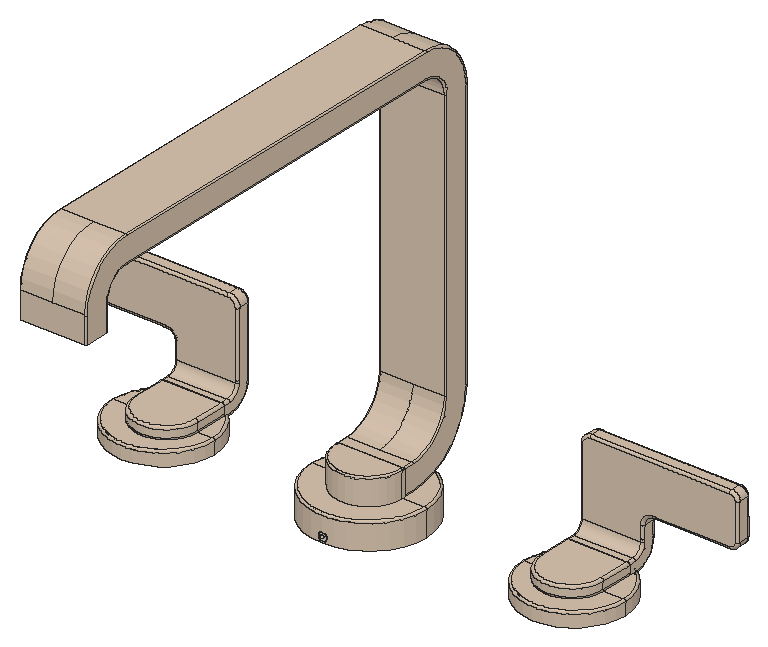
Revit family "Faucet-Lavatory-KALLISTA-Guise-P34237", category Plumbing Fixtures, host Face, Revit 2021
Family settings
  Host = Face
  Round Connector Dimension = Use Diameter
  Part Type = Normal
  OmniClass Number = 23.31.11.00
  OmniClass Title = Faucets
  Cut with Voids When Loaded = No
  Shared = No
  Room Calculation Point = No
Parameters (values of type "BAF-Brushed French Gold")
  Width [instance] = Faucet Hole Spacing  # 8"
  WaterSense Certified = 1 = 0  # no
  Waste Water Outlet = "Waste Water Outlet"  # constant formula
  Waste Connection = 1 = 0  # no
  Vent Connection = 1 = 0  # no
  URL = "https://www.kallista.com/"
  Type = 1
  Spout Reach = 8.7437"  # constant formula
  Product Page URL = ""
  Product Name = "Guise\r\n"  # constant formula
  Product Documentation Link = ""
  Pressure = 0.00 psi
  Model = if(Type = 1, "P34237-LV-BAF", if(Type = 2, "P34237-LV-BN", if(Type = 3, "P34237-LV-CP", if(Type = 4, "P34237-LV-GHP", if(Type = 5, "P34237-LV-PGP", if(Type = 6, "P34237-LV-SN", "NA"))))))  # "P34237-LV-BAF"
  Material = "Premium Metal Construction"  # constant formula
  Master Format 2014 Name = "Residential Faucets, Supplies, and Trim"  # constant formula
  Master Format 2014 = "22 41 39"  # constant formula
  Manufacturer Address = "444 Highland Dr, Kohler, WI 53044"  # constant formula
  Manufacturer = "Kallista Co."  # constant formula
  Length = Spout Reach  # 8.7437"
  Hot Water Inlet = "Hot Water Inlet"  # constant formula
  Height = 2.25197"  # constant formula
  Handle Clearance = 2.40157"  # constant formula
  HW Connection = 1 = 1  # yes
  Flow Rate = 0 GPM
  Finish = Kallista-Metal-BAF-Brushed_French_Gold
  Faucet Hole Spacing [instance] = 8"  # constant formula
  Environmental Product Declaration = ""
  Drain Included = 1 = 1  # yes
  Description = "Deck Mount Bath Spout"  # constant formula
  Default Elevation = 36"
  Declare Label = ""
  Date Modified = "06/29/2024"  # constant formula
  Date Created = "06/29/2024"  # constant formula
  Copyright = "Copyright Kallista Co."  # constant formula
  Contact Us = "https://www.kallista.com/corporate/contact-us/"
  Cold Water Inlet = "Cold Water Inlet"  # constant formula
  CW Connection = 1 = 1  # yes
  Assembly Code = "D2010"
  ADA Compliant = 1 = 0  # no
Types (7): name | Type | Model | Finish
  (no name) | 1 | "P34237-LV-BAF" | Kallista-Metal-BAF-Brushed_French_Gold
  BAF-Brushed French Gold | 1 | "P34237-LV-BAF" | Kallista-Metal-BAF-Brushed_French_Gold
  BN-Brushed Nickel | 2 | "P34237-LV-BN" | Kallista-Metal-BN-Brushed_Nickel
  CP-Chrome | 3 | "P34237-LV-CP" | Kallista-Metal-CP-Chrome
  SN-Polished Nickel | 6 | "P34237-LV-SN" | Kallista-Metal-SN-Polished_Nickel
  GHP | 4 | "P34237-LV-GHP" | none
  PGP-Polished Graphite | 5 | "P34237-LV-PGP" | Kallista-Metal-PGP-Polished_Graphite
Reference planes (in)
  plane 1 "Center (Front/Back)": y = 0
  plane 2: z = 0
  plane 3 "Center (Left/Right)": x = 0
  plane 4: x = -4
  plane 5: x = 4
  plane 6: x = -5.92913
  plane 7: x = -3
  plane 8: y = -1
  plane 9: x = -5
  plane 10: x = 5.92913
  plane 11: x = 3
  plane 12: x = 5
  plane 13: x = -1.04921
  plane 14: x = 1.04921
  plane 15: y = -0.19685
  plane 16: x = -0.64961
  plane 17: x = 0.64961
  plane 18: y = -1.04921
  plane 19: y = 1.04921
  plane 20: z = 1.92913
  plane 21: z = 1.04331
  plane 22: y = 1.57992
  plane 23: x = 6.40157
  plane 24: y = -1.12598
  plane 25: y = 1.12598
  plane 26: y = 1.32354
  plane 27: x = -6.40157
  plane 28: y = -7.68228
  plane 29: y = -7.42016
  plane 30: z = 8.05512
  plane 31: z = 6.55906
  plane 32: y = -7.15803
Dimensions and locks (in)
  equal spacing: plane 4, plane 3 "Center (Left/Right)", plane 5
  "Width": plane 4 to plane 5
  equal spacing: plane 9, plane 4, plane 7
  plane 9 to plane 7 = 2"
  equal spacing: plane 11, plane 5, plane 12
  plane 11 to plane 12 = 2"
  plane 13 to plane 14 = 2.09843"  (x2)
  plane 16 to plane 17 = 1.29921"
  plane 7 to plane 9 = 2"
  plane 12 to plane 11 = 2"
  plane 1 "Center (Front/Back)" to plane 15 = 0.19685"
  "Handle Clearance": plane 27 to plane 4
  "Handle Clearance": plane 5 to plane 23
  "Height": plane 24 to plane 25
  "Length": plane 26 to plane 29
  plane 22 to plane 29 = 9.00007"
  level to plane 31 = 6.55906"
  plane 30 to level = 8.05512"
  plane 32 to plane 28 = 0.52425"
  plane 1 "Center (Front/Back)" to plane 29 = 7.42016"
  aligned and locked: plane 2 to host face
  aligned and locked: level to host face
  aligned and locked: plane 4 to nested 1
  aligned and locked: plane 1 "Center (Front/Back)" to nested 1
  aligned and locked: nested 2 to plane 5
  aligned and locked: plane 3 "Center (Left/Right)" to nested 3
  aligned and locked: plane 1 "Center (Front/Back)" to nested 3
Automatic sketch dimensions
  host sketch curve to host sketch curve = 96"  (x2)
Nested families (in)
  nested 1: "P34237_Handle" at (-4, 0, 0), type "P34237_Handle"
  nested 2: "P34237_Handle" at (4, 0, 0) x (-1, 0, 0) z (0, 0, 1), type "P34237_Handle"
  nested 3: "P34237" at (0, 0, 0), type "P34237"
Connectors (in)
  piping at (-4, 0, 0), diameter 0.75, driven by "HW Connection", driven by "Hot Water Inlet"
    settings: on nested 1, index 1, connector inside diameter 24", connector length 0", flow factor 0, pipe flow 0 GPM, pressure drop 0.00 psi, fitting loss kfactor 0, connector angle 0.00°, fixture units 0, engagement length 0", angle of deflection 0.00°, flow configuration 0, flow direction 1, fitting loss method 0, system type 19, joint type 0, gender type 0, connector reference index -1, connector utility 1, adjustable connector no, is connector primary yes, connector description "Hot Water Inlet"
  piping at (4, 0, 0), diameter 0.75, driven by "CW Connection", driven by "Cold Water Inlet"
    settings: on nested 2, index 2, connector inside diameter 24", connector length 0", flow factor 0, pipe flow 0 GPM, pressure drop 0.00 psi, fitting loss kfactor 0, connector angle 0.00°, fixture units 0, engagement length 0", angle of deflection 0.00°, flow configuration 0, flow direction 1, fitting loss method 0, system type 20, joint type 0, gender type 0, connector reference index -1, connector utility 1, adjustable connector no, is connector primary no, connector description "Cold Water Inlet"
Definition of nested family "P34237_Handle"
  Parameters
    Material = none
    Default Elevation = 0"
  Reference planes (in)
    plane 1 "Center (Front/Back)": y = 0
    plane 2: z = 0
    plane 3 "Center (Left/Right)": x = 0
    plane 4: x = -1
    plane 5: x = 1
    plane 6: y = -1.04921
    plane 7: z = 2.18504
    plane 8: z = 1.16142
    plane 9: x = -2.40157
    plane 10: y = 1.04921
    plane 11: y = 1.32354
    plane 12: y = 1.00858
    plane 13: x = 1.09843
    plane 14: x = 0.04921
  Forms (in)
    Revolve 1, solid, material <- "Material", detail levels medium+fine
      sketch origin (0, 0, 0) x (1, 0, 0) y (0, 0, 1)
        loop
          line (0, 0) -> (0, 0.27583) -> (-0.95834, 0.27583)
          arc (-0.95834, 0.27583) -> (-0.9878, 0.26363) -> (-1, 0.23418) r 0.04166
          line (-1, 0.23418) -> (-1, 0) -> (0, 0)
        axis (0, 0) -> (0, 0.27583)
      angle from 0 to 360
    Sweep 2, solid, material <- "Material", detail levels medium+fine
      path origin (1.43202, -0.33493, -0.14427) x (1, 0, 0) y (0, 1, 0)
        loop
          line (-1.99129, 0.97665) -> (-1.99129, 0.33876)
          arc (-1.99129, 0.33876) -> (-1.37758, -0.27495) -> (-0.76387, 0.33876) r 0.61371
          line (-0.76387, 0.33876) -> (-0.76387, 0.97665)
      profile origin (-0.55927, 0.32277, -0.14427) x (1, 0, 0) y (0, 0, 1)
        loop
          line (0.50988, 0.63059) -> (0.04797, 0.63059)
          arc (0.04797, 0.63059) -> (0.01405, 0.61654) -> (0, 0.58262) r 0.04797
          line (0, 0.58262) -> (0, 0.43845)
          arc (0, 0.43845) -> (0.01405, 0.40455) -> (0.04795, 0.3905) r 0.04795
          line (0.04795, 0.3905) -> (0.50988, 0.3905) -> (0.50988, 0.63059)
    Sweep 3, solid, material <- "Material", detail levels medium+fine
      path origin (-0.9364, 0.06758, -0.3997) x (1, 0, 0) y (0, 0, 1)
        loop
          line (0.37753, 1.13311) -> (0.37753, 1.37731)
          arc (0.37753, 1.37731) -> (0.3237, 1.50728) -> (0.19373, 1.56111) r 0.1838
          line (0.19373, 1.56111) -> (-1.3077, 1.56111)
          arc (-1.3077, 1.56111) -> (-1.41905, 1.60724) -> (-1.46518, 1.71859) r 0.15748
          line (-1.46518, 1.71859) -> (-1.46518, 2.42725)
          arc (-1.46518, 2.42725) -> (-1.41905, 2.53861) -> (-1.3077, 2.58473) r 0.15748
          line (-1.3077, 2.58473) -> (1.4077, 2.58473)
          arc (1.4077, 2.58473) -> (1.54689, 2.52708) -> (1.60455, 2.38788) r 0.19685
          line (1.60455, 2.38788) -> (1.60455, 1.13311)
      profile origin (-0.8864, 0.06758, 2.18504) x (0, 0, 1) y (0, -1, 0)
        loop
          line (0, -1.14715) -> (0, -0.9599)
          arc (0, -0.9599) -> (-0.01405, -0.926) -> (-0.04795, -0.91195) r 0.04795
          line (-0.04795, -0.91195) -> (-0.08117, -0.91195) -> (-0.08117, -1.1951) -> (-0.04795, -1.1951)
          arc (-0.04795, -1.1951) -> (-0.01405, -1.18105) -> (0, -1.14715) r 0.04795
    Extrusion 4, solid, material <- "Material", detail levels medium+fine
      sketch origin (0, 0, 0) x (1, 0, 0) y (0, 0, 1)
        loop
          arc (-2.24409, 2.10387) -> (-2.29805, 2.08152) -> (-2.32041, 2.02756) r 0.07631
          line (-2.32041, 2.02756) -> (-2.32041, 1.3189)
          arc (-2.32041, 1.3189) -> (-2.29805, 1.26494) -> (-2.24409, 1.24259) r 0.07631
          line (-2.24409, 1.24259) -> (-0.74267, 1.24259)
          arc (-0.74267, 1.24259) -> (-0.5553, 1.16498) -> (-0.47769, 0.97761) r 0.26497
          line (-0.47769, 0.97761) -> (-0.47769, 0.73341) -> (0.58698, 0.73341) -> (0.58698, 1.98819)
          arc (0.58698, 1.98819) -> (0.5531, 2.06999) -> (0.4713, 2.10387) r 0.11568
          line (0.4713, 2.10387) -> (-2.24409, 2.10387)
      from -1.26268 to -0.97953
    Extrusion 5, solid, material <- "Material", detail levels medium+fine
      sketch origin (0, 0, 0) x (1, 0, 0) y (0, 1, 0)
        loop
          arc (-0.04938, 0.00383) -> (0.05444, -0.1) -> (0.15827, 0.00383) r 0.10382
          line (0.15827, 0.00383) -> (0.15827, 0.64172) -> (-0.04938, 0.64172) -> (-0.04938, 0.00383)
      from 0.24623 to 0.48632
    Sweep 6, solid, material <- "Material", detail levels medium+fine
      path origin (0, 0, 0.00615) x (0, 1, 0) y (0, 0, 1)
        loop
          line (0.64172, 0.17241) -> (0.77997, 0.17241)
          arc (0.77997, 0.17241) -> (1.1387, 0.321) -> (1.28729, 0.67973) r 0.50732
          line (1.28729, 0.67973) -> (1.28729, 0.93026)
      profile origin (0, 1.28729, 0.81115) x (0, -1, 0) y (1, 0, 0)
        loop
          line (0.07256, -0.55886) -> (0.2598, -0.55886)
          arc (0.2598, -0.55886) -> (0.29371, -0.54482) -> (0.30775, -0.51091) r 0.04795
          line (0.30775, -0.51091) -> (0.30775, 0.6202)
          arc (0.30775, 0.6202) -> (0.29371, 0.6541) -> (0.2598, 0.66815) r 0.04795
          line (0.2598, 0.66815) -> (0.07256, 0.66815)
          arc (0.07256, 0.66815) -> (0.03865, 0.6541) -> (0.02461, 0.6202) r 0.04795
          line (0.02461, 0.6202) -> (0.02461, -0.51091)
          arc (0.02461, -0.51091) -> (0.03865, -0.54482) -> (0.07256, -0.55886) r 0.04795
    Extrusion 7, solid, material <- "Material", detail levels coarse
      sketch origin (0, 0, 0) x (1, 0, 0) y (0, 1, 0)
        loop
          circle (0, 0) r 1
      from 0 to 0.27635
    Extrusion 8, solid, material <- "Material", detail levels coarse
      sketch origin (0, 0, 0) x (1, 0, 0) y (0, 1, 0)
        loop
          arc (-0.55774, 0.00538) -> (0.05521, -0.60757) -> (0.66815, 0.00538) r 0.61294
          line (0.66815, 0.00538) -> (0.66815, 0.7195) -> (-0.55774, 0.7195) -> (-0.55774, 0.00538)
      from 0.20317 to 0.48632
    Extrusion 9, solid, material <- "Material", detail levels coarse
      sketch origin (0, 0, 0) x (1, 0, 0) y (0, 0, 1)
        loop
          line (-2.40157, 1.16142) -> (-0.55927, 1.16142) -> (0.66815, 1.16142) -> (0.66815, 2.18504) -> (-2.40157, 2.18504) -> (-2.40157, 1.16142)
      from -1.26268 to -0.97953
    Extrusion 10, solid, material <- "Material", detail levels coarse
      sketch origin (0, 0, 0) x (0, 1, 0) y (0, 0, 1)
        loop
          line (1.26268, 1.16142) -> (0.97953, 1.16142) -> (0.97953, 0.68317)
          arc (0.97953, 0.68317) -> (0.92188, 0.54397) -> (0.78268, 0.48632) r 0.19685
          line (0.78268, 0.48632) -> (0.2019, 0.48632) -> (0.2019, 0.20317) -> (0.78094, 0.20317)
          arc (0.78094, 0.20317) -> (1.12158, 0.34427) -> (1.26268, 0.68491) r 0.48174
          line (1.26268, 0.68491) -> (1.26268, 1.16142)
      from -0.55886 to 0.66815
  Cuts and joins
    joined: Sweep 2, Extrusion 5
    joined: Extrusion 8, Extrusion 9, Extrusion 10
    joined: Sweep 3, Extrusion 4, Sweep 6
  Lines and regions (in)
    Masking region 1
      outline origin (0, 0, 0) x (1, 0, 0) y (0, 1, 0)
        loop
          arc (-0.57985, 0.81472) -> (-0.88811, 0.45963) -> (-1, 0.00291) r 1
          arc (-1, 0.00291) -> (-0.70813, -0.70608) -> (0, -1) r 1
          arc (0, -1) -> (0.71055, -0.70365) -> (0.99995, 0.00975) r 1
          arc (0.99995, 0.00975) -> (0.8942, 0.44766) -> (0.60697, 0.79473) r 1
          arc (0.60697, 0.79473) -> (0.57052, 0.83899) -> (0.55747, 0.89482) r 0.12595
          line (0.55747, 0.89482) -> (0.55747, 1.28226)
          arc (0.55747, 1.28226) -> (0.54552, 1.31112) -> (0.51666, 1.32307) r 0.0408
          line (0.51666, 1.32307) -> (-2.36077, 1.32307)
          arc (-2.36077, 1.32307) -> (-2.38962, 1.31112) -> (-2.40157, 1.28226) r 0.0408
          line (-2.40157, 1.28226) -> (-2.40157, 1.05175)
          arc (-2.40157, 1.05175) -> (-2.38893, 1.02123) -> (-2.35841, 1.00858) r 0.04317
          line (-2.35841, 1.00858) -> (-0.55774, 1.00858) -> (-0.55774, 0.8576)
          arc (-0.55774, 0.8576) -> (-0.56359, 0.83348) -> (-0.57985, 0.81472) r 0.05263
    Masking region 2, detail levels medium+fine
      outline origin (0, 0, 0) x (1, 0, 0) y (0, 0, 1)
        loop
          line (-1, 0) -> (1.09843, 0) -> (1.09843, 0.27629)
          arc (1.09843, 0.27629) -> (1.08637, 0.30538) -> (1.05728, 0.31743) r 0.04114
          line (1.05728, 0.31743) -> (0.73172, 0.31743)
          arc (0.73172, 0.31743) -> (0.68677, 0.33605) -> (0.66815, 0.381) r 0.06357
          line (0.66815, 0.381) -> (0.66815, 2.03796)
          arc (0.66815, 2.03796) -> (0.62507, 2.14196) -> (0.52107, 2.18504) r 0.14708
          line (0.52107, 2.18504) -> (-2.25495, 2.18504)
          arc (-2.25495, 2.18504) -> (-2.35863, 2.14209) -> (-2.40157, 2.03841) r 0.14663
          line (-2.40157, 2.03841) -> (-2.40157, 1.29908)
          arc (-2.40157, 1.29908) -> (-2.36126, 1.20174) -> (-2.26392, 1.16142) r 0.13766
          line (-2.26392, 1.16142) -> (-0.75353, 1.16142)
          arc (-0.75353, 1.16142) -> (-0.64408, 1.11608) -> (-0.59875, 1.00664) r 0.15478
          line (-0.59875, 1.00664) -> (-0.59875, 0.381)
          arc (-0.59875, 0.381) -> (-0.61737, 0.33605) -> (-0.66232, 0.31743) r 0.06357
          line (-0.66232, 0.31743) -> (-0.95886, 0.31743)
          arc (-0.95886, 0.31743) -> (-0.98795, 0.30538) -> (-1, 0.27629) r 0.04114
          line (-1, 0.27629) -> (-1, 0)
    Masking region 3
      outline origin (0, 0, 0) x (0, 1, 0) y (0, 0, 1)
        loop
          line (0.95258, 0) -> (0.95258, 0.32743)
          arc (0.95258, 0.32743) -> (1.22496, 0.62702) -> (1.32354, 1.01973) r 0.83147
          line (1.32354, 1.01973) -> (1.32354, 2.14567)
          arc (1.32354, 2.14567) -> (1.31201, 2.17351) -> (1.28417, 2.18504) r 0.03937
          line (1.28417, 2.18504) -> (1.04795, 2.18504)
          arc (1.04795, 2.18504) -> (1.02011, 2.17351) -> (1.00858, 2.14567) r 0.03937
          line (1.00858, 2.14567) -> (1.00858, 1.01655)
          arc (1.00858, 1.01655) -> (0.88435, 0.71663) -> (0.58443, 0.5924) r 0.42415
          line (0.58443, 0.5924) -> (-0.57505, 0.5924)
          arc (-0.57505, 0.5924) -> (-0.60959, 0.57809) -> (-0.62389, 0.54356) r 0.04884
          line (-0.62389, 0.54356) -> (-0.62389, 0.40108)
          arc (-0.62389, 0.40108) -> (-0.64508, 0.34605) -> (-0.69771, 0.31944) r 0.08205
          line (-0.69771, 0.31944) -> (-1.00732, 0.31944)
          arc (-1.00732, 0.31944) -> (-1.03694, 0.30717) -> (-1.04921, 0.27755) r 0.04189
          line (-1.04921, 0.27755) -> (-1.04921, 0) -> (0.95258, 0)
    symbolic lines, detail levels medium+fine
      curve 1: arc (-0.55774, 0.77511, 0) -> (0.00017, -0.95491, 0) -> (0.55747, 0.7753, 0) r 0.95491
      curve 2: arc (-0.55744, 0.00558, 0) -> (-0.00279, -0.55746, 0) -> (0.55747, 0, 0) r 0.55747
      curve 3: arc (-0.62027, 0, 0) -> (0, -0.62027, 0) -> (0.62027, 0, 0) r 0.62027
      curve 4: line (-0.55774, 0.8576, 0) -> (-0.55774, 0.77511, 0)
      curve 5: line (0.55747, 0, 0) -> (0.55747, 0.27196, 0)
      curve 6: line (-0.55774, 0.2714, 0) -> (-0.55774, 0, 0)
      curve 7: line (0.55747, 0.27196, 0) -> (0.55747, 0.7753, 0)
      curve 8: line (-0.55774, 0.77511, 0) -> (-0.55774, 0.2714, 0)
      curve 9: line (0.55747, 0.7753, 0) -> (0.55747, 1.00858, 0)
      curve 10: line (-0.55774, 1.00858, 0) -> (0.55747, 1.00858, 0)
      curve 11: line (-2.40157, 1.28226, 0) -> (0.55747, 1.28226, 0)
      curve 12: line (-2.40369, 1.04921, 0) -> (0.56081, 1.04921, 0)
      curve 13: line (-0.62027, 0, 0) -> (-0.62027, 0.72604, 0)
      curve 14: line (0.62027, 0, 0) -> (0.62027, 0.72604, 0)
      curve 15: line (-0.50504, 1.00858, 0) -> (-0.50504, 0, 0)
      curve 16: line (0.50504, 1.00858, 0) -> (0.50504, 0, 0)
      curve 17: arc (-0.50504, 0, 0) -> (0, -0.50504, 0) -> (0.50504, 0, 0) r 0.50504
      curve 18: line (-2.24248, 0, 2.14222) -> (0.4942, 0, 2.14222)
      curve 19: line (-2.36059, 0, 2.02411) -> (-2.36059, 0, 1.33084)
      curve 20: line (-2.24248, 0, 1.21273) -> (-0.75296, 0, 1.21273)
      curve 21: arc (0.04921, 0, 0.24692) -> (0.34996, 0, 0.28255) -> (0.63964, 0, 0.37088) r 1.70321
      curve 22: arc (0.04921, 0, 0.18177) -> (0.44144, 0, 0.20953) -> (0.82893, 0, 0.27635) r 3.92889
      curve 23: line (1.09633, 0, 0.27635) -> (0.76604, 0, 0.27635)
      curve 24: arc (0.76604, 0, 0.27635) -> (0.68712, 0, 0.3026) -> (0.63964, 0, 0.37088) r 0.13178
      curve 25: arc (-2.24248, 0, 2.14222) -> (-2.32599, 0, 2.10762) -> (-2.36059, 0, 2.02411) r 0.11811
      curve 26: arc (-2.36059, 0, 1.33084) -> (-2.32599, 0, 1.24732) -> (-2.24248, 0, 1.21273) r 0.11811
      curve 27: line (0.63822, 0, 1.99819) -> (0.63822, 0, 0.37031)
      curve 28: arc (-0.75296, 0, 1.21273) -> (-0.62949, 0, 1.16765) -> (-0.5641, 0, 1.05363) r 0.19165
      curve 29: arc (0.4942, 0, 2.14222) -> (0.59604, 0, 2.10003) -> (0.63822, 0, 1.99819) r 0.14402
      curve 30: line (0, -0.62389, 0.38336) -> (0, 0.52054, 0.38336)
      curve 31: line (0, -1.04921, 0.27436) -> (0, 0.95258, 0.27436)
      curve 32: line (0, 1.28417, 2.18504) -> (0, 1.28417, 0.95164)
      curve 33: line (0, 1.04795, 2.18504) -> (0, 1.04795, 1.03204)
      curve 34: line (0, -0.62239, 0.55559) -> (0, 0.5715, 0.55559)
      curve 35: line (0, -0.62389, 0.46406) -> (0, 0.73972, 0.46406)
      curve 36: arc (0, 1.04795, 1.03204) -> (0, 0.9084, 0.69514) -> (0, 0.5715, 0.55559) r 0.47645
      curve 37: arc (0, 0.52054, 0.38336) -> (0, 0.63732, 0.40418) -> (0, 0.73972, 0.46406) r 0.33801
      curve 38: line (0, 1.28417, 1.16142) -> (0, 1.04795, 1.16142)
      curve 39: arc (0, 1.32354, 1.20452) -> (0, 1.31336, 1.17429) -> (0, 1.28417, 1.16142) r 0.03953
      curve 40: arc (0, 1.00858, 1.20452) -> (0, 1.01876, 1.17429) -> (0, 1.04795, 1.16142) r 0.03953
      curve 41: arc (0.04921, 0, 0.24692) -> (-0.28256, 0, 0.26981) -> (-0.60356, 0, 0.35674) r 1.70321
      curve 42: arc (0.05721, 0, 0.18102) -> (-0.38857, 0, 0.20348) -> (-0.82893, 0, 0.27635) r 3.92889
      curve 43: line (-1.00743, 0, 0.27635) -> (-0.66513, 0, 0.27635)
    symbolic lines
      curve 44: line (-0.5641, 0, 1.05363) -> (-0.5641, 0, 0.37738)
      curve 45: arc (-0.66513, 0, 0.27635) -> (-0.59369, 0, 0.30594) -> (-0.5641, 0, 0.37738) r 0.10103
      curve 46: line (0, -0.69771, 0.31944) -> (0, 0.77383, 0.31944)
      curve 47: arc (0, 0.95258, 0.32743) -> (0, 0.86329, 0.32144) -> (0, 0.77383, 0.31944) r 2.00444
      curve 48: arc (0, 1.28417, 0.95164) -> (0, 1.14067, 0.5454) -> (0, 0.77383, 0.31944) r 0.64675
      curve 49: arc (0, 0.73972, 0.46406) -> (0, 0.70808, 0.37999) -> (0, 0.64172, 0.31944) r 0.19243
  Dimensions and locks (in)
    plane 7 to level = 2.18504"
    plane 3 "Center (Left/Right)" to plane 9 = 2.40157"
    aligned and locked: level to plane 2
Definition of nested family "P34237"
  Parameters
    Material = none
    Default Elevation = 0"
  Reference planes (in)
    plane 1 "Center (Front/Back)": y = 0
    plane 2: z = 0
    plane 3 "Center (Left/Right)": x = 0
    plane 4: x = -1.12598
    plane 5: y = 1.12598
    plane 6: y = -1.12598
    plane 7: x = -0.64961
    plane 8: x = 0.64961
    plane 9: z = 6.55906
    plane 10: z = 8.05512
    plane 11: y = 1.57992
    plane 12: y = -7.42008
    plane 13: y = 1.29921
    plane 14: x = 1.12598
    plane 15: y = -7.68228
  Forms (in)
    Revolve 1, solid, material <- "Material", detail levels medium+fine
      sketch origin (0, 0, 0) x (1, 0, 0) y (0, 0, 1)
        loop
          line (0, 0) -> (0, 0.51841) -> (-1.08874, 0.51841)
          arc (-1.08874, 0.51841) -> (-1.11508, 0.5075) -> (-1.12598, 0.48117) r 0.03724
          line (-1.12598, 0.48117) -> (-1.12598, 0) -> (0, 0)
        axis (0, 0) -> (0, 0.51841)
      angle from 0 to 360
    Sweep 2, solid, material <- "Material", detail levels medium+fine
      path origin (0, 0, 0) x (0, 1, 0) y (0, 0, 1)
        loop
          line (-7.68228, 6.55906) -> (-7.68228, 7.07087)
          arc (-7.68228, 7.07087) -> (-7.394, 7.76684) -> (-6.69803, 8.05512) r 0.98425
          line (-6.69803, 8.05512) -> (0.59567, 8.05512)
          arc (0.59567, 8.05512) -> (1.29164, 7.76684) -> (1.57992, 7.07087) r 0.98425
          line (1.57992, 7.07087) -> (1.57992, 1.8231)
          arc (1.57992, 1.8231) -> (1.19336, 0.88987) -> (0.26013, 0.50331) r 1.31978
          line (0.26013, 0.50331) -> (0.05188, 0.50331)
      profile origin (0, -3.05118, 8.05512) x (0, 0, 1) y (1, 0, 0)
        loop
          line (0, 0) -> (0, 0.62175)
          arc (0, 0.62175) -> (-0.00816, 0.64145) -> (-0.02786, 0.64961) r 0.02786
          line (-0.02786, 0.64961) -> (-0.19685, 0.64961) -> (-0.48939, 0.64961)
          arc (-0.48939, 0.64961) -> (-0.50909, 0.64145) -> (-0.51724, 0.62175) r 0.02786
          line (-0.51724, 0.62175) -> (-0.51724, 0) -> (-0.51724, -0.62175)
          arc (-0.51724, -0.62175) -> (-0.50909, -0.64145) -> (-0.48939, -0.64961) r 0.02786
          line (-0.48939, -0.64961) -> (-0.19685, -0.64961) -> (-0.02786, -0.64961)
          arc (-0.02786, -0.64961) -> (-0.00816, -0.64145) -> (0, -0.62175) r 0.02786
          line (0, -0.62175) -> (0, 0)
    Sweep 3, solid, material <- "Material", detail levels medium+fine
      path origin (0, 0, 0) x (1, 0, 0) y (0, 1, 0)
        loop
          line (0.64961, 0.05335) -> (0.64961, -0.00563)
          arc (0.64961, -0.00563) -> (0, -0.65524) -> (-0.64961, -0.00563) r 0.64961
          line (-0.64961, -0.00563) -> (-0.64961, 0.05335)
      profile origin (0.64961, 0.02386, 0) x (1, 0, 0) y (0, 0, 1)
        loop
          line (0, 0.47957) -> (0, 0.99305)
          arc (0, 0.99305) -> (-0.00816, 1.01275) -> (-0.02786, 1.02091) r 0.02786
          line (-0.02786, 1.02091) -> (-0.06459, 1.02091) -> (-0.06459, 0.47957) -> (0, 0.47957)
    Extrusion 4, solid, material <- "Material", detail levels medium+fine
      sketch origin (0, 0, 0) x (1, 0, 0) y (0, 1, 0)
        loop
          line (0.58502, -0.00563) -> (0.58502, 0.05335) -> (-0.58502, 0.05335) -> (-0.58502, -0.00563)
          arc (-0.58502, -0.00563) -> (0, -0.59065) -> (0.58502, -0.00563) r 0.58502
      from 0.50331 to 1.02091
    Extrusion 5, void
      sketch origin (0, 0, 0) x (1, 0, 0) y (0, 0, 1)
        loop
          circle (0, 0.10887) r 0.08011
      from 0.97469 to 1.19221
    Extrusion 6, solid, detail levels medium+fine
      sketch origin (0, 0, 0) x (1, 0, 0) y (0, 0, 1)
        loop
          circle (0, 0.10887) r 0.08011
        loop
          line (-0.02337, 0.14921) -> (-0.04541, 0.10945) -> (-0.02201, 0.07048) -> (0.02345, 0.07126) -> (0.04549, 0.11102) -> (0.02209, 0.14999) -> (-0.02337, 0.14921)
      from 0.97469 to 1.12313
    Extrusion 7, solid, material <- "Material", detail levels coarse
      sketch origin (0, 0, 0) x (1, 0, 0) y (0, 1, 0)
        loop
          circle (0, 0) r 1.12598
      from 0 to 0.50331
    Extrusion 8, void
      sketch origin (0, 0, 0) x (1, 0, 0) y (0, 1, 0)
        loop
          line (-0.57874, -7.31693) -> (-0.57874, -7.52559)
          arc (-0.57874, -7.52559) -> (-0.5551, -7.58266) -> (-0.49803, -7.6063) r 0.08071
          line (-0.49803, -7.6063) -> (0.49803, -7.6063)
          arc (0.49803, -7.6063) -> (0.5551, -7.58266) -> (0.57874, -7.52559) r 0.08071
          line (0.57874, -7.52559) -> (0.57874, -7.31693)
          arc (0.57874, -7.31693) -> (0.5551, -7.25986) -> (0.49803, -7.23622) r 0.08071
          line (0.49803, -7.23622) -> (-0.49803, -7.23622)
          arc (-0.49803, -7.23622) -> (-0.5551, -7.25986) -> (-0.57874, -7.31693) r 0.08071
      from 5.30374 to 6.91193
    Extrusion 9, solid, material <- "Material", detail levels medium+fine
      sketch origin (0, 0, 0) x (1, 0, 0) y (0, 1, 0)
        loop
          arc (-0.36058, -7.27661) -> (-0.47601, -7.29951) -> (-0.53166, -7.40321) r 0.1378
          arc (-0.53166, -7.40321) -> (-0.53213, -7.42126) -> (-0.53166, -7.43931) r 0.35144
          arc (-0.53166, -7.43931) -> (-0.47601, -7.543) -> (-0.36058, -7.56591) r 0.1378
          arc (-0.36058, -7.56591) -> (0, -7.52147) -> (0.36058, -7.56591) r 1.48495
          arc (0.36058, -7.56591) -> (0.47601, -7.54301) -> (0.53166, -7.43932) r 0.1378
          arc (0.53166, -7.43932) -> (0.53213, -7.42126) -> (0.53166, -7.40321) r 0.3514
          arc (0.53166, -7.40321) -> (0.47601, -7.29951) -> (0.36058, -7.27661) r 0.1378
          arc (0.36058, -7.27661) -> (0, -7.32106) -> (-0.36058, -7.27661) r 1.48467
        loop
          line (-0.57874, -7.31693) -> (-0.57874, -7.52559)
          arc (-0.57874, -7.52559) -> (-0.5551, -7.58266) -> (-0.49803, -7.6063) r 0.08071
          line (-0.49803, -7.6063) -> (0.49803, -7.6063)
          arc (0.49803, -7.6063) -> (0.5551, -7.58266) -> (0.57874, -7.52559) r 0.08071
          line (0.57874, -7.52559) -> (0.57874, -7.31693)
          arc (0.57874, -7.31693) -> (0.5551, -7.25986) -> (0.49803, -7.23622) r 0.08071
          line (0.49803, -7.23622) -> (-0.49803, -7.23622)
          arc (-0.49803, -7.23622) -> (-0.5551, -7.25986) -> (-0.57874, -7.31693) r 0.08071
      from 6.58708 to 6.91193
    Sweep 10, solid, material <- "Material", detail levels coarse
      path origin (0, 0, 0) x (0, 1, 0) y (0, 0, 1)
        loop
          line (-7.68228, 6.55906) -> (-7.68228, 7.07087)
          arc (-7.68228, 7.07087) -> (-7.394, 7.76684) -> (-6.69803, 8.05512) r 0.98425
          line (-6.69803, 8.05512) -> (0.59567, 8.05512)
          arc (0.59567, 8.05512) -> (1.29164, 7.76684) -> (1.57992, 7.07087) r 0.98425
          line (1.57992, 7.07087) -> (1.57992, 1.8231)
          arc (1.57992, 1.8231) -> (1.19336, 0.88987) -> (0.26013, 0.50331) r 1.31978
          line (0.26013, 0.50331) -> (-0.72412, 0.50331)
      profile origin (0, -3.05118, 8.05512) x (0, 0, 1) y (1, 0, 0)
        loop
          line (0, 0) -> (0, 0.62175)
          arc (0, 0.62175) -> (-0.00816, 0.64145) -> (-0.02786, 0.64961) r 0.02786
          line (-0.02786, 0.64961) -> (-0.19685, 0.64961) -> (-0.48939, 0.64961)
          arc (-0.48939, 0.64961) -> (-0.50909, 0.64145) -> (-0.51724, 0.62175) r 0.02786
          line (-0.51724, 0.62175) -> (-0.51724, 0) -> (-0.51724, -0.62175)
          arc (-0.51724, -0.62175) -> (-0.50909, -0.64145) -> (-0.48939, -0.64961) r 0.02786
          line (-0.48939, -0.64961) -> (-0.19685, -0.64961) -> (-0.02786, -0.64961)
          arc (-0.02786, -0.64961) -> (-0.00816, -0.64145) -> (0, -0.62175) r 0.02786
          line (0, -0.62175) -> (0, 0)
  Cuts and joins
    Extrusion 5 cuts Revolve 1
    joined: Sweep 3, Extrusion 4
    Extrusion 8 cuts Sweep 2
  Lines and regions (in)
    Masking region 1
      outline origin (0, 0, 0) x (1, 0, 0) y (0, 1, 0)
        loop
          line (-0.64961, 1.5412) -> (-0.64961, 0.9197)
          arc (-0.64961, 0.9197) -> (-0.99716, 0.52299) -> (-1.12593, 0.01153) r 1.12598
          arc (-1.12593, 0.01153) -> (-1.00246, -0.51275) -> (-0.64961, -0.9197) r 1.12598
          line (-0.64961, -0.9197) -> (-0.64961, -7.64357)
          arc (-0.64961, -7.64357) -> (-0.63827, -7.67094) -> (-0.61089, -7.68228) r 0.03871
          line (-0.61089, -7.68228) -> (0, -7.68228) -> (0.61089, -7.68228)
          arc (0.61089, -7.68228) -> (0.63827, -7.67094) -> (0.64961, -7.64357) r 0.03871
          line (0.64961, -7.64357) -> (0.64961, -0.9197)
          arc (0.64961, -0.9197) -> (1.00246, -0.51275) -> (1.12593, 0.01153) r 1.12598
          arc (1.12593, 0.01153) -> (0.99716, 0.52299) -> (0.64961, 0.9197) r 1.12598
          line (0.64961, 0.9197) -> (0.64961, 1.5412)
          arc (0.64961, 1.5412) -> (0.63827, 1.56858) -> (0.61089, 1.57992) r 0.03871
          line (0.61089, 1.57992) -> (0, 1.57992) -> (-0.61089, 1.57992)
          arc (-0.61089, 1.57992) -> (-0.63827, 1.56858) -> (-0.64961, 1.5412) r 0.03871
    Masking region 2
      outline origin (0, 0, 0) x (1, 0, 0) y (0, 0, 1)
        loop
          line (1.12598, 0) -> (1.12598, 0.47635)
          arc (1.12598, 0.47635) -> (1.11367, 0.50609) -> (1.08393, 0.51841) r 0.04206
          line (1.08393, 0.51841) -> (0.79077, 0.51841)
          arc (0.79077, 0.51841) -> (0.69095, 0.55976) -> (0.64961, 0.65958) r 0.14117
          line (0.64961, 0.65958) -> (0.64961, 8.01575)
          arc (0.64961, 8.01575) -> (0.63808, 8.04359) -> (0.61024, 8.05512) r 0.03937
          line (0.61024, 8.05512) -> (0, 8.05512) -> (-0.61024, 8.05512)
          arc (-0.61024, 8.05512) -> (-0.63808, 8.04359) -> (-0.64961, 8.01575) r 0.03937
          line (-0.64961, 8.01575) -> (-0.64961, 0.66049)
          arc (-0.64961, 0.66049) -> (-0.69122, 0.56002) -> (-0.79169, 0.51841) r 0.14208
          line (-0.79169, 0.51841) -> (-1.08393, 0.51841)
          arc (-1.08393, 0.51841) -> (-1.11367, 0.50609) -> (-1.12598, 0.47635) r 0.04206
          line (-1.12598, 0.47635) -> (-1.12598, 0) -> (0, 0) -> (1.12598, 0)
    Masking region 3
      outline origin (0, 0, 0) x (0, 1, 0) y (0, 0, 1)
        loop
          arc (1.57992, 7.07087) -> (1.29164, 7.76684) -> (0.59567, 8.05512) r 0.98425
          line (0.59567, 8.05512) -> (-6.69395, 8.05512)
          arc (-6.69395, 8.05512) -> (-7.38993, 7.76684) -> (-7.67821, 7.07087) r 0.98425
          line (-7.67821, 7.07087) -> (-7.67821, 6.57874)
          arc (-7.67821, 6.57874) -> (-7.67244, 6.56482) -> (-7.65852, 6.55906) r 0.01969
          line (-7.65852, 6.55906) -> (-7.18353, 6.55906)
          arc (-7.18353, 6.55906) -> (-7.16828, 6.56537) -> (-7.16196, 6.58062) r 0.02157
          line (-7.16196, 6.58062) -> (-7.16196, 7.06412)
          arc (-7.16196, 7.06412) -> (-7.01806, 7.41152) -> (-6.67066, 7.55542) r 0.4913
          line (-6.67066, 7.55542) -> (0.54497, 7.55542)
          arc (0.54497, 7.55542) -> (0.90361, 7.40686) -> (1.05217, 7.04822) r 0.5072
          line (1.05217, 7.04822) -> (1.05217, 1.81475)
          arc (1.05217, 1.81475) -> (0.82154, 1.25798) -> (0.26476, 1.02735) r 0.7874
          line (0.26476, 1.02735) -> (-0.60875, 1.02735)
          arc (-0.60875, 1.02735) -> (-0.63759, 1.01541) -> (-0.64954, 0.98657) r 0.04079
          line (-0.64954, 0.98657) -> (-0.64954, 0.68129)
          arc (-0.64954, 0.68129) -> (-0.69716, 0.56633) -> (-0.81212, 0.51871) r 0.16258
          line (-0.81212, 0.51871) -> (-1.08819, 0.51871)
          arc (-1.08819, 0.51871) -> (-1.11492, 0.50764) -> (-1.12598, 0.48092) r 0.03779
          line (-1.12598, 0.48092) -> (-1.12598, 0) -> (1.12598, 0) -> (1.12598, 0.48092)
          arc (1.12598, 0.48092) -> (1.11492, 0.50764) -> (1.08819, 0.51871) r 0.03779
          arc (1.08819, 0.51871) -> (1.05584, 0.64012) -> (1.08819, 0.76153) r 0.24397
          arc (1.08819, 0.76153) -> (1.44982, 1.18164) -> (1.57992, 1.72047) r 1.18091
          line (1.57992, 1.72047) -> (1.57992, 7.07087)
    symbolic lines, detail levels medium+fine
      curve 1: line (-0.64961, -0.9197, 0) -> (-0.64961, 1.0488, 0)
      curve 2: line (-0.61009, -7.68227, 0) -> (-0.61009, 1.5697, 0)
      curve 3: line (0.64961, -0.98141, 0) -> (0.64961, 1.12598, 0)
      curve 4: line (0.61009, -7.68412, 0) -> (0.61009, 1.57991, 0)
      curve 5: line (0.9252, 0, 0.51841) -> (-0.82838, 0, 0.51841)
      curve 6: line (1.12598, 0, 0.47635) -> (-1.12598, 0, 0.47635)
      curve 7: line (0.61024, 0, 8.05512) -> (0.61024, 0, 0.99959)
      curve 8: line (-0.61024, 0, 8.05512) -> (-0.61024, 0, 0.99959)
      curve 9: line (-0.64961, 0, 0.95051) -> (0.64961, 0, 0.95051)
      curve 10: line (-0.64961, 0, 0.66049) -> (0.64961, 0, 0.66049)
      curve 11: arc (-0.64961, 0, 0.95051) -> (-0.63961, 0, 0.98282) -> (-0.61024, 0, 0.99959) r 0.04606
      curve 12: arc (0.64961, 0, 0.95051) -> (0.6392, 0, 0.98249) -> (0.61024, 0, 0.99959) r 0.04753
      curve 13: line (-0.6492, 0, 0.99959) -> (0.64961, 0, 0.99959)
      curve 14: line (-0.64961, 0, 6.55906) -> (0.64961, 0, 6.55906)
      curve 15: line (-0.64961, 0, 6.59219) -> (0.64961, 0, 6.59219)
      curve 16: arc (-0.61024, 0, 6.55906) -> (-0.63511, 0, 6.56945) -> (-0.64961, 0, 6.59219) r 0.04509
      curve 17: arc (0.61024, 0, 6.55906) -> (0.63741, 0, 6.56672) -> (0.64961, 0, 6.59219) r 0.03427
      curve 18: line (0, 1.08819, 0.51871) -> (0, -0.85404, 0.51871)
      curve 19: line (0, 1.12598, 0.48092) -> (0, -1.12598, 0.48092)
      curve 20: line (0, -0.64954, 0.68129) -> (0, 0.63455, 0.68129)
      curve 21: line (0, -7.18353, 6.55906) -> (0, -7.18353, 7.07353)
      curve 22: line (0, -7.65852, 6.55906) -> (0, -7.65852, 7.03787)
      curve 23: line (0, 0.57094, 7.5828) -> (0, -6.67426, 7.5828)
      curve 24: line (0, 0.54026, 8.02212) -> (0, -6.67427, 8.02212)
      curve 25: arc (0, -7.65852, 7.03787) -> (0, -7.37024, 7.73384) -> (0, -6.67427, 8.02212) r 0.98425
      curve 26: arc (0, -6.67426, 7.5828) -> (0, -7.03436, 7.43364) -> (0, -7.18353, 7.07353) r 0.50927
      curve 27: line (0, -0.64954, 0.98657) -> (0, 0.33471, 0.98657)
      curve 28: line (0, 1.07391, 1.78259) -> (0, 1.07391, 7.07983)
      curve 29: line (0, 1.52451, 1.75252) -> (0, 1.52451, 7.03787)
      curve 30: arc (0, 1.52451, 7.03787) -> (0, 1.23623, 7.73384) -> (0, 0.54026, 8.02212) r 0.98425
      curve 31: arc (0, 1.07391, 7.07983) -> (0, 0.9266, 7.43549) -> (0, 0.57094, 7.5828) r 0.50297
      curve 32: arc (0, 0.63455, 0.68129) -> (0, 0.7913, 0.66172) -> (0, 0.93844, 0.60422) r 0.63767
      curve 33: arc (0, 1.08819, 0.76153) -> (0, 0.96162, 0.64106) -> (0, 0.89171, 0.48092) r 0.44143
      curve 34: arc (0, 1.52451, 1.75252) -> (0, 1.40619, 1.21879) -> (0, 1.07339, 0.78507) r 1.26291
      curve 35: arc (0, 1.07339, 0.78507) -> (0, 0.99539, 0.7025) -> (0, 0.93844, 0.60422) r 0.49148
      curve 36: arc (0, 1.07391, 1.78259) -> (0, 0.86061, 1.23943) -> (0, 0.33471, 0.98657) r 0.79821
      curve 37: arc (-0.64961, 0.865, 0) -> (-1.08176, 0, 0) -> (-0.64961, -0.865, 0) r 1.08176
      curve 38: arc (-0.72889, 0, 0) -> (-0.70879, -0.16999, 0) -> (-0.64961, -0.3306, 0) r 0.72889
      curve 39: arc (0.64961, -0.3306, 0) -> (0.70879, -0.16999, 0) -> (0.72889, 0, 0) r 0.72889
      curve 40: line (-0.72889, 0, 0) -> (-0.72889, 0.79933, 0)
      curve 41: line (0.72889, 0, 0) -> (0.72889, 0.79933, 0)
      curve 42: arc (0.64961, -0.865, 0) -> (1.08176, 0, 0) -> (0.64961, 0.865, 0) r 1.08176
  Dimensions and locks (in)
    plane 10 to level = 8.05512"
    plane 9 to level = 6.55906"
    plane 11 to plane 12 = 9"
    aligned and locked: level to plane 2
